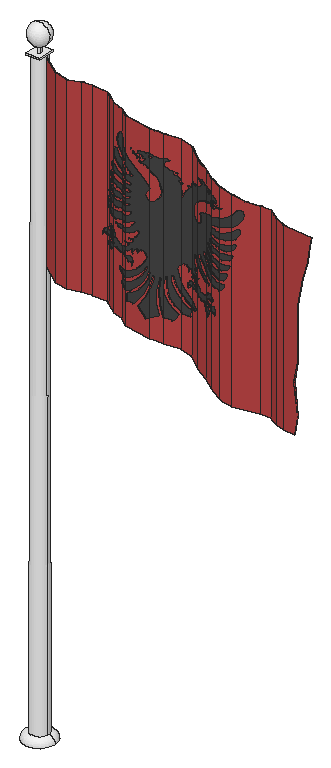
Revit family "Albanian Flag & Flag Pole", category Site, Revit 2014
Parameters (values of type "30'")
  Inner Pole Bottom = 0 mm
  Base = 254 mm
  Height = 9144 mm
  Top = 203.2 mm
  Assembly Code = "G2040800"
Reference planes
  plane 1 "Center (Front/Back)": y = 0
  plane 2: z = -50.8
  plane 3 "Center (Left/Right)": x = 0
  plane 4: x = -101.6
  plane 5: x = 101.6
  plane 6: y = -127
  plane 7: y = 127
  plane 8: z = 9093.2
  plane 9: z = 9118.6
  plane 10: z = 9358.122
  plane 11 "Inner Pole Bottom": z = -50.8
Forms (mm)
  Blend 1, solid, material "Metal - Aluminum"
    base sketch origin (11800, 0, 0) x (1, 0, 0) y (0, 1, 0)
      loop
        circle (0, 0) r 127
    top sketch origin (11800, 0, 0) x (1, 0, 0) y (0, 1, 0)
      loop
        circle (0, 0) r 101.6
    from 101.6 to 9093.2
  Revolve 2, solid, material "Metal - Aluminum"
    sketch origin (11800, 0, 0) x (1, 0, 0) y (0, 0, 1)
      loop
        line (0, 101.6) -> (-127, 101.6)
        arc (-127, 101.6) -> (-198.842, 71.842) -> (-228.6, 0) r 101.6
        line (-228.6, 0) -> (0, 0) -> (0, 101.6)
      axis (0, 0) -> (0, 101.6)
    angle from 0 to 360
  Revolve 3, solid, material "Metal - Aluminum"
    sketch origin (11794.799, 0, 33.479) x (1, 0, 0) y (0, 0, 1)
      loop
        line (5.201, 9477.043) -> (5.201, 9451.643)
        arc (5.201, 9451.643) -> (132.201, 9324.643) -> (5.201, 9197.643) r 127
        line (5.201, 9197.643) -> (5.201, 9172.243)
        arc (5.201, 9172.243) -> (157.601, 9324.643) -> (5.201, 9477.043) r 152.4
      axis (5.201, 9477.043) -> (5.201, 9172.243)
    angle from 0 to 360
  Extrusion 4, solid, material "Metal - Aluminum"
    sketch origin (11800, 0, 0) x (1, 0, 0) y (0, 1, 0)
      loop
        line (-101.6, 127) -> (-101.6, -127) -> (101.6, -127) -> (101.6, 127) -> (-101.6, 127)
    from 9118.6 to 9093.2
  Extrusion 5, solid, material "Metal - Aluminum"
    sketch origin (11800, 0, 0) x (1, 0, 0) y (0, 1, 0)
      loop
        circle (0, 0) r 25.4
    from 9358.122 to 9118.6
  Extrusion 6, solid, material "Red"
    sketch origin (0, 35, 9118.6) x (1, 0, 0) y (0, 1, 0)
      loop
        line (12823.482, -24.002) -> (12946.648, -100.964) -> (13076.153, -112.295) -> (13201.554, -190.653) -> (13547.099, -172.544) -> (13697.182, -102.559) -> (13853.074, 14.913) -> (13999.663, 40.761) -> (14146.223, -33.915) -> (14298.392, -83.358) -> (14454.412, -162.854) -> (14601.793, -194.181) -> (14761.247, -174.602) -> (15056.747, -36.809) -> (15195.182, 2.887) -> (15352.119, -84.105) -> (15487.834, -117.942) -> (16026.008, -146.147) -> (16026.008, -141.147) -> (15487.834, -112.942) -> (15352.119, -79.105) -> (15195.182, 7.887) -> (15056.747, -31.809) -> (14761.247, -169.602) -> (14601.793, -189.181) -> (14454.412, -157.854) -> (14298.392, -78.358) -> (14146.223, -28.915) -> (13999.663, 45.761) -> (13853.074, 19.913) -> (13697.182, -97.559) -> (13547.099, -167.544) -> (13201.554, -185.653) -> (13076.153, -107.295) -> (12946.648, -95.964) -> (12823.482, -19.002) -> (12777.248, -3.979) -> (12630.767, -78.615) -> (12475.434, -117.344) -> (12326.77, -177.409) -> (12147.571, -161.731) -> (11901.6, -41.763) -> (11901.6, -46.763) -> (12147.571, -166.731) -> (12326.77, -182.409) -> (12475.434, -122.344) -> (12630.767, -83.615) -> (12777.248, -8.979) -> (12823.482, -24.002)
    from -4244.657 to -25.4
  Extrusion 7, void
    sketch origin (19592.561, 26099.475, -6503.56) x (-0.97437, 0, 0.224951) y (0.224951, 0, 0.97437)
      loop
        line (8541.409, 13203.93) -> (8531.331, 13198.343) -> (8515.91, 13191.152) -> (8498.323, 13184.401) -> (8483.508, 13182.055) -> (8471.129, 13182.055) -> (8451.433, 13185.528) -> (8421.888, 13190.737) -> (8395.4, 13197.341) -> (8382.258, 13200.618) -> (8372.41, 13202.355) -> (8356.003, 13202.355) -> (8341.188, 13200.008) -> (8328.9, 13191.404) -> (8323.769, 13186.274) -> (8318.034, 13178.082) -> (8303.034, 13178.082) -> (8279.455, 13178.082) -> (8259.701, 13174.953) -> (8246.107, 13168.614) -> (8234.789, 13163.336) -> (8226.418, 13154.965) -> (8218.041, 13146.588) -> (8212.319, 13134.318) -> (8208.778, 13121.105) -> (8206.6, 13096.2) -> (8206.6, 13093.336) -> (8214.791, 13099.072) -> (8228.386, 13105.411) -> (8243.201, 13107.758) -> (8258.201, 13107.758) -> (8281.012, 13105.762) -> (8290.671, 13103.174) -> (8295.633, 13100.86) -> (8290.49, 13093.515) -> (8283.419, 13086.444) -> (8272.844, 13081.513) -> (8248.152, 13077.602) -> (8229.685, 13074.677) -> (8201.982, 13079.562) -> (8176.54, 13087.828) -> (8153.642, 13098.506) -> (8131.992, 13111.006) -> (8117.359, 13121.252) -> (8105.072, 13129.855) -> (8105.072, 13121.21) -> (8108.393, 13108.816) -> (8126.626, 13087.087) -> (8149.194, 13074.057) -> (8182.938, 13058.322) -> (8207.558, 13053.981) -> (8246.209, 13053.981) -> (8264.97, 13056.952) -> (8280.307, 13062.535) -> (8291.622, 13070.457) -> (8316.952, 13084.498) -> (8320.136, 13079.95) -> (8321.388, 13072.046) -> (8318.8, 13062.386) -> (8314.356, 13056.04) -> (8309.647, 13051.331) -> (8297.36, 13042.727) -> (8283.265, 13037.597) -> (8270.004, 13037.597) -> (8250.004, 13037.597) -> (8240.042, 13038.468) -> (8230.383, 13041.056) -> (8220.724, 13043.645) -> (8219.337, 13045.032) -> (8219.337, 13040.28) -> (8231.624, 13031.676) -> (8243.723, 13023.205) -> (8254.363, 13018.243) -> (8268.852, 13014.36) -> (8287.241, 13012.752) -> (8310.856, 13010.686) -> (8338.503, 13008.267) -> (8356.324, 13005.124) -> (8371.097, 13002.52) -> (8389.64, 12995.028) -> (8413.348, 12982.422) -> (8437.257, 12968.056) -> (8459.102, 12952.185) -> (8476.566, 12939.497) -> (8490.708, 12925.354) -> (8511.066, 12904.996) -> (8527.783, 12888.28) -> (8542.156, 12869.205) -> (8560.211, 12845.246) -> (8573.624, 12820.019) -> (8589.522, 12794.577) -> (8600.76, 12766.762) -> (8605.951, 12740.057) -> (8608.758, 12707.971) -> (8606.589, 12676.951) -> (8601.09, 12656.43) -> (8591.797, 12640.334) -> (8575.728, 12621.183) -> (8558.462, 12606.695) -> (8543.472, 12598.04) -> (8529.376, 12592.91) -> (8519.979, 12589.49) -> (8506.944, 12589.49) -> (8487.248, 12592.963) -> (8474.257, 12600.463) -> (8458.895, 12615.825) -> (8448.895, 12633.146) -> (8447.327, 12651.065) -> (8451.793, 12667.73) -> (8464.293, 12689.38) -> (8476.345, 12707.249) -> (8483.186, 12726.043) -> (8483.186, 12741.043) -> (8477.567, 12754.951) -> (8460.203, 12774.926) -> (8433.374, 12793.022) -> (8359.042, 12837.685) -> (8300.485, 12870.144) -> (8132.542, 12963.236) -> (8077.701, 13003.081) -> (8031.456, 13043.281) -> (8003.172, 13071.565) -> (7981.889, 13097.848) -> (7961.362, 13136.454) -> (7938.862, 13175.425) -> (7923.662, 13190.624) -> (7909.174, 13194.506) -> (7894.231, 13193.199) -> (7883.704, 13188.29) -> (7873.098, 13177.684) -> (7863.708, 13160.025) -> (7856.666, 13146.781) -> (7853.023, 13133.186) -> (7849.112, 13108.493) -> (7849.112, 13093.493) -> (7849.112, 13078.493) -> (7851.402, 13059.844) -> (7855.901, 13040.356) -> (7864.757, 13023.7) -> (7877.968, 12998.855) -> (7896.022, 12974.896) -> (7915.704, 12952.255) -> (7954.623, 12918.423) -> (7992.785, 12894.577) -> (8052.553, 12861.447) -> (8098.489, 12835.984) -> (8147.922, 12811.874) -> (8191.528, 12792.46) -> (8216.592, 12783.829) -> (8221.151, 12779.271) -> (8218.959, 12774.777) -> (8215.424, 12771.241) -> (8205.426, 12764.241) -> (8190.654, 12761.636) -> (8173.117, 12761.636) -> (8141.471, 12766.084) -> (8102.834, 12776.437) -> (8060.286, 12791.087) -> (8003.436, 12822.6) -> (7946.804, 12863.745) -> (7911.449, 12899.1) -> (7895.048, 12917.968) -> (7883.011, 12933.94) -> (7870.513, 12940.037) -> (7855.513, 12940.037) -> (7844.906, 12929.43) -> (7838.395, 12910.52) -> (7838.395, 12885.52) -> (7842.66, 12850.78) -> (7854.631, 12817.891) -> (7880.873, 12787.703) -> (7902.086, 12766.49) -> (7934.447, 12742.978) -> (7977.111, 12723.983) -> (8017.361, 12707.721) -> (8045.726, 12697.954) -> (8105.187, 12679.775) -> (8149.204, 12670.419) -> (8187.433, 12664.364) -> (8207.187, 12661.235) -> (8214.121, 12661.235) -> (8220.754, 12659.825) -> (8224.29, 12656.29) -> (8224.29, 12652.461) -> (8220.754, 12648.925) -> (8211.691, 12644.699) -> (8192.781, 12638.188) -> (8173.462, 12633.011) -> (8145.594, 12630.573) -> (8073.239, 12634.365) -> (8043.894, 12640.602) -> (8005.642, 12652.297) -> (7974.576, 12661.795) -> (7942.124, 12674.906) -> (7907.139, 12694.299) -> (7892.997, 12708.441) -> (7882.391, 12719.048) -> (7875.83, 12726.595) -> (7867.084, 12731.443) -> (7859.303, 12731.443) -> (7851.837, 12724.953) -> (7844.216, 12714.464) -> (7841.293, 12704.901) -> (7839.403, 12696.713) -> (7839.403, 12683.524) -> (7840.452, 12676.868) -> (7847.292, 12658.075) -> (7854.792, 12645.084) -> (7862.292, 12632.094) -> (7872.899, 12621.487) -> (7891.046, 12608.303) -> (7908.538, 12598.607) -> (7931.718, 12589.242) -> (7969.97, 12577.547) -> (8018.688, 12566.299) -> (8068.688, 12566.299) -> (8104.134, 12564.441) -> (8139.134, 12564.441) -> (8169.134, 12564.441) -> (8194.134, 12564.441) -> (8216.164, 12564.441) -> (8225.052, 12564.441) -> (8233.274, 12562.992) -> (8236.809, 12559.456) -> (8236.809, 12554.456) -> (8234.049, 12551.696) -> (8226.815, 12546.631) -> (8215.764, 12542.608) -> (8202.523, 12537.789) -> (8149.397, 12523.554) -> (8119.511, 12520.939) -> (8074.682, 12517.017) -> (8039.682, 12517.017) -> (8010.28, 12521.674) -> (7956.69, 12534.046) -> (7916.958, 12550.099) -> (7899.466, 12559.795) -> (7884.442, 12568.123) -> (7870.534, 12573.742) -> (7858.439, 12573.742) -> (7845.548, 12566.299) -> (7841.802, 12557.027) -> (7841.802, 12542.027) -> (7844.917, 12522.271) -> (7851.757, 12503.478) -> (7865.899, 12489.335) -> (7898.26, 12465.824) -> (7922.07, 12452.626) -> (7965.103, 12439.469) -> (7989.795, 12435.559) -> (8024.747, 12433.727) -> (8079.538, 12438.52) -> (8139.31, 12443.75) -> (8178.436, 12452.066) -> (8212.243, 12461.125) -> (8232.213, 12470.437) -> (8241.276, 12474.663) -> (8244.811, 12478.199) -> (8248.858, 12478.199) -> (8251.508, 12475.548) -> (8251.508, 12471.646) -> (8248.845, 12467.032) -> (8235.105, 12456.678) -> (8225.511, 12449.449) -> (8178.367, 12421.122) -> (8148.827, 12410.37) -> (8120.636, 12400.11) -> (8091.292, 12393.873) -> (8061.947, 12387.635) -> (8021.947, 12387.635) -> (7991.947, 12387.635) -> (7959.396, 12393.375) -> (7921.144, 12405.07) -> (7902.6, 12412.562) -> (7880.361, 12424.889) -> (7873.29, 12431.96) -> (7864.544, 12436.809) -> (7858.858, 12436.809) -> (7851.787, 12429.737) -> (7847.12, 12418.187) -> (7847.12, 12403.187) -> (7847.12, 12387.635) -> (7851.278, 12368.072) -> (7858.778, 12355.082) -> (7879.992, 12333.869) -> (7906.23, 12319.324) -> (7938.682, 12306.213) -> (7968.312, 12301.52) -> (7993.312, 12301.52) -> (8028.312, 12301.52) -> (8048.347, 12306.888) -> (8086.984, 12317.241) -> (8140.109, 12331.476) -> (8177.697, 12345.157) -> (8200.355, 12355.722) -> (8227.544, 12368.401) -> (8251.508, 12379.576) -> (8258.798, 12382.975) -> (8261.794, 12383.503) -> (8264.252, 12382.844) -> (8265.513, 12380.14) -> (8265.513, 12377.997) -> (8260.491, 12372.974) -> (8245.986, 12360.365) -> (8178.892, 12316.794) -> (8153.472, 12301.52) -> (8106.487, 12284.419) -> (8067.85, 12274.066) -> (8035.347, 12267.158) -> (8005.113, 12264.513) -> (7975.113, 12264.513) -> (7930.745, 12272.336) -> (7900.133, 12289.304) -> (7882.641, 12299) -> (7868.296, 12303.386) -> (7863.296, 12303.386) -> (7856.333, 12301.52) -> (7847.12, 12292.307) -> (7847.12, 12287.081) -> (7847.12, 12272.081) -> (7851.584, 12251.08) -> (7856.76, 12231.762) -> (7866.76, 12214.441) -> (788
          1.806, 12194.476) -> (7898.189, 12183.004) -> (7928.801, 12166.036) -> (7963.753, 12164.204) -> (8003.753, 12164.204) -> (8041.61, 12172.251) -> (8080.247, 12182.603) -> (8163.693, 12216.318) -> (8206.552, 12242.07) -> (8249.41, 12267.822) -> (8272.068, 12278.387) -> (8290.611, 12285.879) -> (8301.343, 12289.786) -> (8304.987, 12289.786) -> (8309.987, 12289.786) -> (8311.666, 12288.107) -> (8313.172, 12284.876) -> (8313.172, 12281.429) -> (8307.159, 12271.014) -> (8295.386, 12259.241) -> (8279.277, 12243.131) -> (8249.317, 12219.724) -> (8217.797, 12195.098) -> (8190.608, 12182.419) -> (8167.338, 12168.438) -> (8135.617, 12153.646) -> (8102.524, 12142.251) -> (8075.673, 12133.005) -> (8041.865, 12123.947) -> (8015.578, 12119.783) -> (7973.538, 12117.58) -> (7951.848, 12121.404) -> (7925.877, 12127.88) -> (7902.697, 12137.245) -> (7887.086, 12143.552) -> (7875.692, 12148.156) -> (7868.08, 12148.156) -> (7856.741, 12145.117) -> (7853.235, 12138.793) -> (7850.63, 12124.02) -> (7850.63, 12109.02) -> (7853.749, 12094.348) -> (7861.342, 12078.066) -> (7873.842, 12056.415) -> (7891.519, 12038.738) -> (7922.131, 12021.769) -> (7960.943, 12012.093) -> (7995.943, 12012.093) -> (8055.861, 12015.233) -> (8107.864, 12033.139) -> (8177.403, 12061.234) -> (8220.261, 12086.986) -> (8304.128, 12141.45) -> (8331.709, 12162.998) -> (8352.675, 12176.614) -> (8369.449, 12187.507) -> (8378.01, 12187.507) -> (8381.546, 12183.972) -> (8381.546, 12178.972) -> (8374.379, 12160.3) -> (8358.28, 12132.416) -> (8333.653, 12100.896) -> (8287.691, 12062.328) -> (8240.41, 12025.389) -> (8196.543, 12004.933) -> (8154.82, 11988.076) -> (8131.182, 11979.937) -> (8116.41, 11977.332) -> (8104.011, 11977.332) -> (8094.011, 11977.332) -> (8089.011, 11977.332) -> (8085.476, 11973.796) -> (8083.146, 11971.467) -> (8083.146, 11963.397) -> (8084.276, 11956.985) -> (8096.341, 11944.92) -> (8115.013, 11937.753) -> (8142.639, 11931.881) -> (8179.655, 11931.881) -> (8229.714, 11944.362) -> (8292.948, 11982.357) -> (8355.915, 12026.447) -> (8412.111, 12073.601) -> (8433.636, 12091.663) -> (8446.515, 12102.47) -> (8452.407, 12106.595) -> (8457.407, 12106.595) -> (8460.942, 12103.059) -> (8463.209, 12094.597) -> (8463.209, 12074.597) -> (8460.772, 12054.747) -> (8452.791, 12028.643) -> (8445.204, 12017.807) -> (8433.732, 12001.424) -> (8418.81, 11986.501) -> (8403.587, 11971.279) -> (8391.151, 11960.844) -> (8374.008, 11950.543) -> (8359.913, 11945.413) -> (8355.627, 11942.838) -> (8359.723, 11939.97) -> (8372.965, 11937.635) -> (8389.067, 11937.635) -> (8401.171, 11937.635) -> (8406.393, 11940.773) -> (8411.092, 11942.483) -> (8414.618, 11942.483) -> (8417.194, 11938.197) -> (8417.194, 11934.473) -> (8413.672, 11926.921) -> (8397.75, 11910.999) -> (8384.512, 11899.891) -> (8370.274, 11891.336) -> (8352.147, 11882.883) -> (8337.659, 11879.001) -> (8322.886, 11876.396) -> (8313.227, 11873.808) -> (8311.378, 11871.959) -> (8315.91, 11869.846) -> (8326.382, 11864.963) -> (8337.893, 11860.773) -> (8346.08, 11859.33) -> (8352.444, 11858.207) -> (8360.64, 11858.207) -> (8365.339, 11859.918) -> (8369.625, 11862.493) -> (8372.414, 11862.493) -> (8375.95, 11858.957) -> (8375.95, 11854.063) -> (8365.343, 11843.456) -> (8350.418, 11826.287) -> (8336.276, 11812.145) -> (8323.418, 11804.419) -> (8292.897, 11782.244) -> (8271.837, 11764.573) -> (8252.977, 11753.24) -> (8243.802, 11744.066) -> (8235.177, 11742.545) -> (8218.318, 11742.545) -> (8206.551, 11742.545) -> (8196.703, 11744.282) -> (8177.007, 11747.755) -> (8158.88, 11756.207) -> (8142.497, 11767.678) -> (8128.355, 11781.821) -> (8115.4, 11794.776) -> (8110.27, 11808.871) -> (8101.719, 11832.364) -> (8089.963, 11848.544) -> (8079.357, 11859.151) -> (8065.762, 11865.49) -> (8051.09, 11868.608) -> (8034.188, 11868.608) -> (8020.093, 11863.478) -> (8010.61, 11860.027) -> (7996.515, 11854.897) -> (7987.152, 11845.534) -> (7978.549, 11833.247) -> (7973.553, 11822.533) -> (7973.553, 11812.533) -> (7973.553, 11809.293) -> (7979.441, 11815.181) -> (7990.048, 11825.787) -> (7995.048, 11825.787) -> (8000.048, 11825.787) -> (8003.583, 11822.252) -> (8003.583, 11817.252) -> (8007.943, 11805.275) -> (8012.578, 11798.895) -> (8019.649, 11791.824) -> (8028.712, 11787.598) -> (8035.482, 11782.857) -> (8049.527, 11776.308) -> (8059.309, 11774.229) -> (8065.49, 11771.347) -> (8071.711, 11768.446) -> (8082.323, 11761.015) -> (8087.52, 11755.818) -> (8095.712, 11750.082) -> (8101.247, 11744.547) -> (8102.652, 11740.686) -> (8102.652, 11735.824) -> (8097.954, 11734.114) -> (8091.394, 11731.727) -> (8079.746, 11731.727) -> (8073.476, 11729.444) -> (8063.037, 11729.444) -> (8048.037, 11729.444) -> (8037.299, 11731.727) -> (8031.067, 11734.633) -> (8023.627, 11734.633) -> (8007.061, 11742.358) -> (7984.261, 11747.204) -> (7959.641, 11751.545) -> (7939.641, 11751.545) -> (7925.546, 11746.415) -> (7916.429, 11737.298) -> (7908.575, 11729.444) -> (7899.972, 11717.157) -> (7897.893, 11707.376) -> (7894.774, 11692.704) -> (7894.774, 11677.704) -> (7894.774, 11664.402) -> (7898.194, 11655.006) -> (7901.614, 11645.609) -> (7905.841, 11654.672) -> (7905.841, 11666.978) -> (7910.067, 11676.041) -> (7915.805, 11676.041) -> (7925.709, 11671.422) -> (7930.614, 11666.518) -> (7935.585, 11661.547) -> (7945.366, 11659.468) -> (7952.946, 11659.468) -> (7960.616, 11659.468) -> (7973.569, 11661.985) -> (7984.37, 11668.221) -> (7997.913, 11676.041) -> (8006.574, 11681.041) -> (8019.146, 11685.617) -> (8026.462, 11688.28) -> (8038.526, 11690.407) -> (8051.376, 11690.407) -> (8064.369, 11690.407) -> (8077.08, 11689.295) -> (8093.856, 11687.827) -> (8105.762, 11685.297) -> (8112.577, 11681.362) -> (8114.944, 11678.995) -> (8116.619, 11676.093) -> (8116.619, 11671.093) -> (8113.084, 11667.557) -> (8106.242, 11663.607) -> (8098.748, 11659.281) -> (8090.53, 11656.289) -> (8083.307, 11653.661) -> (8073.346, 11652.789) -> (8056.497, 11649.818) -> (8047.731, 11648.272) -> (8040.622, 11644.168) -> (8032.725, 11641.294) -> (8028.738, 11637.307) -> (8019.801, 11628.37) -> (8014.244, 11622.812) -> (8009.244, 11614.152) -> (8006.459, 11601.054) -> (8006.459, 11586.054) -> (8006.459, 11571.054) -> (8010.768, 11559.216) -> (8015.768, 11550.556) -> (8020.898, 11536.461) -> (8032.387, 11529.828) -> (8039.458, 11522.757) -> (8042.778, 11522.757) -> (8042.778, 11527.757) -> (8033.644, 11543.577) -> (8035.289, 11551.315) -> (8038.824, 11554.85) -> (8042.778, 11554.85) -> (8050.435, 11554.85) -> (8060.397, 11553.979) -> (8072.666, 11553.979) -> (8082.063, 11557.399) -> (8089.134, 11564.47) -> (8094.134, 11573.13) -> (8105.451, 11592.731) -> (8123.919, 11618.15) -> (8138.061, 11632.292) -> (8149.854, 11644.085) -> (8160.723, 11648.041) -> (8169.103, 11649.519) -> (8174.183, 11649.519) -> (8179.698, 11644.003) -> (8186.223, 11640.236) -> (8193.883, 11638.608) -> (8211.925, 11634.773) -> (8226.925, 11634.773) -> (8246.925, 11634.773) -> (8259.915, 11642.273) -> (8294.556, 11662.273) -> (8308.151, 11668.612) -> (8322.923, 11671.217) -> (8332.923, 11671.217) -> (8344.625, 11671.217) -> (8359.297, 11668.098) -> (8371.584, 11659.495) -> (8385.52, 11649.736) -> (8404.314, 11642.896) -> (8420.797, 11636.897) -> (8440.721, 11638.64) -> (8449.381, 11643.64) -> (8452.916, 11647.176) -> (8457.247, 11649.676) -> (8462.247, 11649.676) -> (8467.198, 11644.724) -> (8469.165, 11637.385) -> (8470.036, 11627.423) -> (8471.103, 11615.231) -> (8471.103, 11610.231) -> (8480.659, 11619.788) -> (8485.313, 11637.154) -> (8485.313, 11664.385) -> (8476.116, 11689.653) -> (8467.406, 11704.739) -> (8445.354, 11720.18) -> (8428.785, 11724.62) -> (8415.516, 11724.62) -> (8400.007, 11717.388) -> (8385.912, 11712.257) -> (8376.515, 11708.837) -> (8366.667, 11707.101) -> (8351.667, 11707.101) -> (8340.192, 11710.175) -> (8330.795, 11713.596) -> (8330.795, 11718.596) -> (8334.215, 11727.993) -> (8346.295, 11740.072) -> (8360.437, 11754.215) -> (8381.65, 11775.428) -> (8412, 11805.777) -> (8420.565, 11814.342) -> (8420.565, 11817.328) -> (8423.1, 11819.
          863) -> (8428.065, 11821.67) -> (8431.601, 11818.135) -> (8431.601, 11811.956) -> (8431.601, 11803.306) -> (8435.021, 11793.909) -> (8439.247, 11784.846) -> (8446.318, 11777.775) -> (8454.491, 11769.602) -> (8457.526, 11786.812) -> (8457.526, 11803.81) -> (8471.378, 11833.515) -> (8484.253, 11854.944) -> (8493.895, 11866.435) -> (8497.316, 11857.038) -> (8497.316, 11846.875) -> (8501.542, 11837.812) -> (8505.621, 11826.605) -> (8509.978, 11822.247) -> (8515.103, 11817.122) -> (8517.393, 11830.11) -> (8526.264, 11857.412) -> (8536.871, 11868.018) -> (8547.477, 11878.625) -> (8561.573, 11883.755) -> (8579.023, 11883.755) -> (8598.045, 11877.575) -> (8614.428, 11866.103) -> (8625.034, 11855.497) -> (8635.034, 11838.176) -> (8638.507, 11818.48) -> (8638.507, 11793.48) -> (8629.237, 11764.948)
        arc (8629.237, 11764.948) -> (8490.917, 11552.347) -> (8264.635, 11437.77) r 488.453
        arc (8264.635, 11437.77) -> (8275.096, 11405.42) -> (8301.917, 11384.525) r 57.882
        arc (8301.917, 11384.525) -> (8339.897, 11375.736) -> (8378.162, 11383.189) r 93.554
        arc (8378.162, 11383.189) -> (8557.378, 11511.133) -> (8665.888, 11702.741) r 509.63
        line (8665.888, 11702.741) -> (8670.913, 11707.766) -> (8676.673, 11707.766)
        arc (8676.673, 11707.766) -> (8576.331, 11474.507) -> (8364.25, 11334.863) r 442.325
        line (8364.25, 11334.863) -> (8349.49, 11251.154) -> (8467.667, 11230.316)
        arc (8467.667, 11230.316) -> (8641.366, 11421.128) -> (8713.769, 11668.794) r 573.174
        line (8713.769, 11668.794) -> (8715.063, 11673.623) -> (8718.517, 11673.623) -> (8722.951, 11669.189) -> (8725.776, 11663.65) -> (8726.76, 11654.283) -> (8725.9, 11649.676)
        arc (8725.9, 11649.676) -> (8662.619, 11400.134) -> (8489.692, 11209.421) r 532.628
        line (8489.692, 11209.421) -> (8514.807, 11115.69) -> (8630.52, 11136.093)
        arc (8630.52, 11136.093) -> (8732.202, 11372.337) -> (8771.101, 11626.575) r 1012.881
        line (8771.101, 11626.575) -> (8774.184, 11629.658) -> (8776.223, 11629.658) -> (8779.758, 11626.122) -> (8783.523, 11618.74)
        arc (8783.523, 11618.74) -> (8761.606, 11367.83) -> (8670.305, 11133.095) r 890.416
        line (8670.305, 11133.095) -> (8813.026, 11033.161) -> (8955.747, 11133.095)
        arc (8955.747, 11133.095) -> (8864.447, 11367.83) -> (8842.53, 11618.74) r 890.416
        line (8842.53, 11618.74) -> (8845.955, 11624.674) -> (8848.455, 11629.004) -> (8850.608, 11631.156) -> (8853.314, 11631.156) -> (8854.849, 11631.156) -> (8854.957, 11626.337)
        arc (8854.957, 11626.337) -> (8893.884, 11372.222) -> (8995.532, 11136.093) r 1012.881
        line (8995.532, 11136.093) -> (9111.246, 11115.69) -> (9136.361, 11209.421)
        arc (9136.361, 11209.421) -> (8963.434, 11400.134) -> (8900.153, 11649.676) r 532.628
        line (8900.153, 11649.676) -> (8901.526, 11657.459) -> (8904.026, 11661.789) -> (8907.561, 11665.325) -> (8910.087, 11668.558) -> (8912.284, 11668.794)
        arc (8912.284, 11668.794) -> (8984.687, 11421.128) -> (9158.386, 11230.316) r 573.174
        line (9158.386, 11230.316) -> (9276.563, 11251.154) -> (9261.803, 11334.863)
        arc (9261.803, 11334.863) -> (9049.722, 11474.507) -> (8949.38, 11707.766) r 442.325
        line (8949.38, 11707.766) -> (8955.139, 11707.766) -> (8960.165, 11702.741)
        arc (8960.165, 11702.741) -> (9068.675, 11511.133) -> (9247.891, 11383.189) r 509.63
        arc (9247.891, 11383.189) -> (9286.156, 11375.736) -> (9324.135, 11384.525) r 93.554
        arc (9324.135, 11384.525) -> (9350.956, 11405.42) -> (9361.418, 11437.77) r 57.882
        arc (9361.418, 11437.77) -> (9135.136, 11552.347) -> (8996.816, 11764.948) r 488.453
        line (8996.816, 11764.948) -> (8987.546, 11793.48) -> (8987.546, 11818.48) -> (8991.019, 11838.176) -> (9001.019, 11855.497) -> (9011.625, 11866.103) -> (9028.008, 11877.575) -> (9047.029, 11883.755) -> (9064.48, 11883.755) -> (9078.576, 11878.625) -> (9089.182, 11868.018) -> (9099.789, 11857.412) -> (9108.66, 11830.11) -> (9110.95, 11817.122) -> (9116.075, 11822.247) -> (9120.432, 11826.605) -> (9124.511, 11837.812) -> (9128.737, 11846.875) -> (9128.737, 11857.038) -> (9132.157, 11866.435) -> (9141.799, 11854.944) -> (9154.675, 11833.515) -> (9168.527, 11803.81) -> (9168.527, 11786.812) -> (9171.562, 11769.602) -> (9179.734, 11777.775) -> (9186.805, 11784.846) -> (9191.032, 11793.909) -> (9194.452, 11803.306) -> (9194.452, 11811.956) -> (9194.452, 11818.135) -> (9197.987, 11821.67) -> (9202.953, 11819.863) -> (9205.488, 11817.328) -> (9205.488, 11814.342) -> (9214.053, 11805.777) -> (9244.403, 11775.428) -> (9265.616, 11754.215) -> (9279.758, 11740.072) -> (9291.838, 11727.993) -> (9295.258, 11718.596) -> (9295.258, 11713.596) -> (9285.861, 11710.175) -> (9274.386, 11707.101) -> (9259.386, 11707.101) -> (9249.538, 11708.837) -> (9240.141, 11712.257) -> (9226.046, 11717.388) -> (9210.536, 11724.62) -> (9197.267, 11724.62) -> (9180.699, 11720.18) -> (9158.647, 11704.739) -> (9149.937, 11689.653) -> (9140.74, 11664.385) -> (9140.74, 11637.154) -> (9145.394, 11619.788) -> (9154.95, 11610.231) -> (9154.95, 11615.231) -> (9156.017, 11627.423) -> (9156.888, 11637.385) -> (9158.855, 11644.724) -> (9163.806, 11649.676) -> (9168.806, 11649.676) -> (9173.136, 11647.176) -> (9176.672, 11643.64) -> (9185.332, 11638.64) -> (9205.256, 11636.897) -> (9221.739, 11642.896) -> (9240.532, 11649.736) -> (9254.469, 11659.495) -> (9266.756, 11668.098) -> (9281.428, 11671.217) -> (9293.13, 11671.217) -> (9303.13, 11671.217) -> (9317.902, 11668.612) -> (9331.497, 11662.273) -> (9366.138, 11642.273) -> (9379.128, 11634.773) -> (9399.128, 11634.773) -> (9414.128, 11634.773) -> (9432.169, 11638.608) -> (9439.83, 11640.236) -> (9446.355, 11644.003) -> (9451.87, 11649.519) -> (9456.95, 11649.519) -> (9465.33, 11648.041) -> (9476.199, 11644.085) -> (9487.992, 11632.292) -> (9502.134, 11618.15) -> (9520.602, 11592.731) -> (9531.918, 11573.13) -> (9536.918, 11564.47) -> (9543.989, 11557.399) -> (9553.386, 11553.979) -> (9565.655, 11553.979) -> (9575.617, 11554.85) -> (9583.275, 11554.85) -> (9587.229, 11554.85) -> (9590.764, 11551.315) -> (9592.409, 11543.577) -> (9583.275, 11527.757) -> (9583.275, 11522.757) -> (9586.595, 11522.757) -> (9593.666, 11529.828) -> (9605.155, 11536.461) -> (9610.285, 11550.556) -> (9615.285, 11559.216) -> (9619.593, 11571.054) -> (9619.593, 11586.054) -> (9619.593, 11601.054) -> (9616.809, 11614.152) -> (9611.809, 11622.812) -> (9606.251, 11628.37) -> (9597.315, 11637.307) -> (9593.328, 11641.294) -> (9585.43, 11644.168) -> (9578.322, 11648.272) -> (9569.556, 11649.818) -> (9552.707, 11652.789) -> (9542.745, 11653.661) -> (9535.523, 11656.289) -> (9527.304, 11659.281) -> (9519.811, 11663.607) -> (9512.969, 11667.557) -> (9509.433, 11671.093) -> (9509.433, 11676.093) -> (9511.109, 11678.995) -> (9513.476, 11681.362) -> (9520.291, 11685.297) -> (9532.196, 11687.827) -> (9548.973, 11689.295) -> (9561.684, 11690.407) -> (9574.677, 11690.407) -> (9587.527, 11690.407) -> (9599.59, 11688.28) -> (9606.907, 11685.617) -> (9619.479, 11681.041) -> (9628.139, 11676.041) -> (9641.683, 11668.221) -> (9652.484, 11661.985) -> (9665.437, 11659.468) -> (9673.106, 11659.468) -> (9680.686, 11659.468) -> (9690.468, 11661.547) -> (9695.439, 11666.518) -> (9700.344, 11671.422) -> (9710.248, 11676.041) -> (9715.986, 11676.041) -> (9720.212, 11666.978) -> (9720.212, 11654.672) -> (9724.438, 11645.609) -> (9727.859, 11655.006) -> (9731.279, 11664.402) -> (9731.279, 11677.704) -> (9731.279, 11692.704) -> (9728.16, 11707.376) -> (9726.081, 11717.157) -> (9717.477, 11729.444) -> (9709.624, 11737.298) -> (9700.507, 11746.415) -> (9686.412, 11751.545) -> (9666.412, 11751.545) -> (9641.791, 11747.204) -> (9618.992, 11742.358) -> (9602.426, 11734.633) -> (9594.986, 11734.633) -> (9588.754, 11731.727) -> (9578.016, 11729.444) -> (9563.016, 11729.444) -> (9552.577, 11729.444) -> (9546.307, 11731.727) -> (9534.659, 11731.727) -> (9528.099, 11734.114) -> (9523.401, 11735.824) -> (9523.401, 11740.686) -> (9524.806, 11744.547) -> (9530.341, 11750.082) -> (9538.532, 11755.818) -> (9543.73, 11761.015) -> (9554.342, 11768.446) -> (9560.563, 11771.347) -> (9566.744, 11774.229) -> (9576.526, 11776.308) -> (9590.57, 11782.857) -> (9597.341, 11787.598) -> (9606.404, 11791.824) -> (9613.475, 11798.895) -> (9618.11, 11805.275) -> (9622.469, 11817.252) -> (9622.469, 11822.252) -> (9626.005, 11825.787) -> (9631.005, 11825.787) -> (9636.005, 11825.787) -> (9646.612, 11815.181) -> (9652.5, 11809.293) -> (9652.5, 11812.533) -> (9652.5, 11822.533) -> (9647.504, 11833.247) -> (9638.9, 11845.534) -> (9629.538, 11854.897) -> (9615.443, 11860.027) -> (9605.96, 11863.478) -> (9591.865, 11868.608) -> (9574.963, 11868.608) -> (9560.291, 11865.49) -> (9546.696, 11859.151) -> (9536.089, 11848.544) -> (9524.334, 11832.364) -> (9515.783, 11808.871) -> (9510.653, 11794.776) -> (9497.697, 11781.821) -> (9483.555, 11767.678) -> (9467.172, 11756.207) -> (9449.046, 11747.755) -> (9429.35, 11744.282) -> (9419.502, 11742.545) -> (9407.735, 11742.545) -> (9390.876, 11742.545) -> (9382.25, 11744.066) -> (9373.076, 11753.24) -> (9354.215, 11764.573) -> (9333.155, 11782.244) -> (9302.635, 11804.419) -> (9289.777, 11812.145) -> (9275.635, 11826.287) -> (9260.71, 11843.456) -> (9250.103, 11854.063) -> (9250.103, 11858.957) -> (9253.639, 11862.493) -> (9256.428, 11862.493) -> (9260.714, 11859.918) -> (9265.412, 11858.207) -> (9273.608, 11858.207) -> (9279.972, 11859.33) -> (9288.16, 11860.773) -> (9299.671, 11864.963) -> (9310.143, 11869.846) -> (9314.674, 11871.959) -> (9312.826, 11873.808) -> (9303.166, 11876.396) -> (9288.394, 11879.001) -> (9273.905, 11882.883) -> (9255.779, 11891.336) -> (9241.541, 11899.891) -> (9228.303, 11910.999) -> (9212.381, 11926.921) -> (9208.859, 11934.473) -> (9208.859, 11938.197) -> (9211.434, 11942.483) -> (9214.961, 11942.483) -> (9219.66, 11940.773) -> (9224.882, 11937.635) -> (9236.986, 11937.635) -> (9253.088, 11937.635) -> (9266.33, 11939.97) -> (9270.426, 11942.838) -> (9266.14, 11945.413) -> (9252.045, 11950.543) -> (9234.901, 11960.844) -> (9222.465, 11971.279) -> (9207.243, 11986.501) -> (9192.32, 12001.424) -> (9180.849, 12017.807) -> (9173.261, 12028.643) -> (9165.281, 12054.747) -> (9162.843, 12074.597) -> (9162.843, 12094.597) -> (9165.111, 12103.059) -> (9168.646, 12106.595) -> (9173.646, 12106.595) -> (9179.538, 12102.47) -> (9192.417, 12091.663) -> (9213.942, 12073.601) -> (9270.138, 12026.447) -> (9333.104, 11982.357) -> (9396.339, 11944.362) -> (9446.398, 11931.881) -> (9483.414, 11931.881) -> (9511.04, 11937.753) -> (9529.711, 11944.92) -> (9541.776, 11956.985) -> (9542.907, 11963.397) -> (9542.907, 11971.467) -> (9540.577, 11973.796) -> (9537.041, 11977.332) -> (9532.041, 11977.332) -> (9522.041, 11977.332) -> (9509.643, 11977.332) -> (9494.871, 11979.937) -> (9471.233, 11988.076) -> (9429.509, 12004.933) -> (9385.643, 12025.389) -> (9338.362, 12062.328) -> (9292.399, 12100.896) -> (9267.773, 12132.416) -> (9251.674, 12160.3) -> (9244.507, 12178.972) -> (9244.507, 12183.972) -> (9248.042, 12187.507) -> (9256.604, 12187.507) -> (9273.377, 12176.614) -> (9294.344, 12162.998) -> (9321.924, 12141.45) -> (9405.792, 12086.986) -> (9448.65, 12061.234) -> (9518.189, 12033.139) -> (9570.192, 12015.233) -> (9630.11, 12012.093) -> (9665.11, 12012.093) -> (9703.922, 12021.769) -> (9734.533, 12038.738) -> (9752.211, 12056.415) -> (9764.711, 12078.066) -> (9772.304, 12094.348) -> (9775.422, 12109.02) -> (9775.422, 12124.02) -> (9772.818, 12138.793) -> (9769.312, 12145.117) -> (9757.972, 12148.156) -> (9750.36, 12148.156) -> (9738.967, 12143.552) -> (9723.356, 12137.245) -> (9700.1
          76, 12127.88) -> (9674.205, 12121.404) -> (9652.515, 12117.58) -> (9610.474, 12119.783) -> (9584.188, 12123.947) -> (9550.38, 12133.005) -> (9523.529, 12142.251) -> (9490.436, 12153.646) -> (9458.715, 12168.438) -> (9435.445, 12182.419) -> (9408.256, 12195.098) -> (9376.735, 12219.724) -> (9346.776, 12243.131) -> (9330.667, 12259.241) -> (9318.893, 12271.014) -> (9312.88, 12281.429) -> (9312.88, 12284.876) -> (9314.387, 12288.107) -> (9316.065, 12289.786) -> (9321.065, 12289.786) -> (9324.71, 12289.786) -> (9335.441, 12285.879) -> (9353.985, 12278.387) -> (9376.643, 12267.822) -> (9419.501, 12242.07) -> (9462.359, 12216.318) -> (9545.806, 12182.603) -> (9584.443, 12172.251) -> (9622.3, 12164.204) -> (9662.3, 12164.204) -> (9697.252, 12166.036) -> (9727.864, 12183.004) -> (9744.247, 12194.476) -> (9759.292, 12214.441) -> (9769.292, 12231.762) -> (9774.469, 12251.08) -> (9778.933, 12272.081) -> (9778.933, 12287.081) -> (9778.933, 12292.307) -> (9769.72, 12301.52) -> (9762.756, 12303.386) -> (9757.756, 12303.386) -> (9743.412, 12299) -> (9725.919, 12289.304) -> (9695.308, 12272.336) -> (9650.939, 12264.513) -> (9620.939, 12264.513) -> (9590.705, 12267.158) -> (9558.202, 12274.066) -> (9519.565, 12284.419) -> (9472.581, 12301.52) -> (9447.16, 12316.794) -> (9380.067, 12360.365) -> (9365.562, 12372.974) -> (9360.539, 12377.997) -> (9360.539, 12380.14) -> (9361.801, 12382.844) -> (9364.258, 12383.503) -> (9367.255, 12382.975) -> (9374.544, 12379.576) -> (9398.509, 12368.401) -> (9425.698, 12355.722) -> (9448.356, 12345.157) -> (9485.943, 12331.476) -> (9539.069, 12317.241) -> (9577.706, 12306.888) -> (9597.74, 12301.52) -> (9632.74, 12301.52) -> (9657.74, 12301.52) -> (9687.371, 12306.213) -> (9719.822, 12319.324) -> (9746.061, 12333.869) -> (9767.274, 12355.082) -> (9774.774, 12368.072) -> (9778.933, 12387.635) -> (9778.933, 12403.187) -> (9778.933, 12418.187) -> (9774.266, 12429.737) -> (9767.195, 12436.809) -> (9761.509, 12436.809) -> (9752.763, 12431.96) -> (9745.692, 12424.889) -> (9723.452, 12412.562) -> (9704.909, 12405.07) -> (9666.656, 12393.375) -> (9634.105, 12387.635) -> (9604.105, 12387.635) -> (9564.105, 12387.635) -> (9534.761, 12393.873) -> (9505.416, 12400.11) -> (9477.226, 12410.37) -> (9447.686, 12421.122) -> (9400.541, 12449.449) -> (9390.948, 12456.678) -> (9377.208, 12467.032) -> (9374.544, 12471.646) -> (9374.544, 12475.548) -> (9377.195, 12478.199) -> (9381.242, 12478.199) -> (9384.777, 12474.663) -> (9393.84, 12470.437) -> (9413.81, 12461.125) -> (9447.617, 12452.066) -> (9486.743, 12443.75) -> (9546.515, 12438.52) -> (9601.305, 12433.727) -> (9636.257, 12435.559) -> (9660.95, 12439.469) -> (9703.983, 12452.626) -> (9727.793, 12465.824) -> (9760.153, 12489.335) -> (9774.296, 12503.478) -> (9781.136, 12522.271) -> (9784.251, 12542.027) -> (9784.251, 12557.027) -> (9780.505, 12566.299) -> (9767.614, 12573.742) -> (9755.519, 12573.742) -> (9741.611, 12568.123) -> (9726.587, 12559.795) -> (9709.095, 12550.099) -> (9669.363, 12534.046) -> (9615.773, 12521.674) -> (9586.371, 12517.017) -> (9551.371, 12517.017) -> (9506.542, 12520.939) -> (9476.656, 12523.554) -> (9423.53, 12537.789) -> (9410.289, 12542.608) -> (9399.238, 12546.631) -> (9392.004, 12551.696) -> (9389.243, 12554.456) -> (9389.243, 12559.456) -> (9392.779, 12562.992) -> (9401.001, 12564.441) -> (9409.889, 12564.441) -> (9431.918, 12564.441) -> (9456.918, 12564.441) -> (9486.918, 12564.441) -> (9521.918, 12564.441) -> (9557.364, 12566.299) -> (9607.364, 12566.299) -> (9656.083, 12577.547) -> (9694.335, 12589.242) -> (9717.515, 12598.607) -> (9735.007, 12608.303) -> (9753.154, 12621.487) -> (9763.76, 12632.094) -> (9771.26, 12645.084) -> (9778.76, 12658.075) -> (9785.601, 12676.868) -> (9786.65, 12683.524) -> (9786.65, 12696.713) -> (9784.76, 12704.901) -> (9781.836, 12714.464) -> (9774.215, 12724.953) -> (9766.75, 12731.443) -> (9758.969, 12731.443) -> (9750.223, 12726.595) -> (9743.662, 12719.048) -> (9733.056, 12708.441) -> (9718.913, 12694.299) -> (9683.929, 12674.906) -> (9651.477, 12661.795) -> (9620.411, 12652.297) -> (9582.158, 12640.602) -> (9552.814, 12634.365) -> (9480.459, 12630.573) -> (9452.591, 12633.011) -> (9433.272, 12638.188) -> (9414.362, 12644.699) -> (9405.299, 12648.925) -> (9401.763, 12652.461) -> (9401.763, 12656.29) -> (9405.299, 12659.825) -> (9411.932, 12661.235) -> (9418.866, 12661.235) -> (9438.619, 12664.364) -> (9476.849, 12670.419) -> (9520.865, 12679.775) -> (9580.326, 12697.954) -> (9608.692, 12707.721) -> (9648.941, 12723.983) -> (9691.606, 12742.978) -> (9723.966, 12766.49) -> (9745.18, 12787.703) -> (9771.422, 12817.891) -> (9783.393, 12850.78) -> (9787.658, 12885.52) -> (9787.658, 12910.52) -> (9781.147, 12929.43) -> (9770.54, 12940.037) -> (9755.54, 12940.037) -> (9743.041, 12933.94) -> (9731.005, 12917.968) -> (9714.604, 12899.1) -> (9679.248, 12863.745) -> (9622.617, 12822.6) -> (9565.767, 12791.087) -> (9523.219, 12776.437) -> (9484.582, 12766.084) -> (9452.936, 12761.636) -> (9435.399, 12761.636) -> (9420.626, 12764.241) -> (9410.629, 12771.241) -> (9407.094, 12774.777) -> (9404.902, 12779.271) -> (9409.461, 12783.829) -> (9434.525, 12792.46) -> (9478.131, 12811.874) -> (9527.564, 12835.984) -> (9573.5, 12861.447) -> (9633.268, 12894.577) -> (9671.43, 12918.423) -> (9710.349, 12952.255) -> (9730.03, 12974.896) -> (9748.085, 12998.855) -> (9761.295, 13023.7) -> (9770.151, 13040.356) -> (9774.65, 13059.844) -> (9776.94, 13078.493) -> (9776.94, 13093.493) -> (9776.94, 13108.493) -> (9773.029, 13133.186) -> (9769.387, 13146.781) -> (9762.345, 13160.025) -> (9752.955, 13177.684) -> (9742.349, 13188.29) -> (9731.822, 13193.199) -> (9716.879, 13194.506) -> (9702.39, 13190.624) -> (9687.191, 13175.425) -> (9664.691, 13136.454) -> (9644.164, 13097.848) -> (9622.881, 13071.565) -> (9594.596, 13043.281) -> (9548.352, 13003.081) -> (9493.51, 12963.236) -> (9325.568, 12870.144) -> (9267.011, 12837.685) -> (9192.679, 12793.022) -> (9165.85, 12774.926) -> (9148.486, 12754.951) -> (9142.867, 12741.043) -> (9142.867, 12726.043) -> (9149.707, 12707.249) -> (9161.76, 12689.38) -> (9174.26, 12667.73) -> (9178.725, 12651.065) -> (9177.158, 12633.146) -> (9167.158, 12615.825) -> (9151.795, 12600.463) -> (9138.805, 12592.963) -> (9119.109, 12589.49) -> (9106.074, 12589.49) -> (9096.677, 12592.91) -> (9082.581, 12598.04) -> (9067.591, 12606.695) -> (9050.325, 12621.183) -> (9034.255, 12640.334) -> (9024.962, 12656.43) -> (9019.464, 12676.951) -> (9017.295, 12707.971) -> (9020.102, 12740.057) -> (9025.293, 12766.762) -> (9036.531, 12794.577) -> (9052.428, 12820.019) -> (9065.842, 12845.246) -> (9083.897, 12869.205) -> (9098.27, 12888.28) -> (9114.987, 12904.996) -> (9135.345, 12925.354) -> (9149.487, 12939.497) -> (9166.951, 12952.185) -> (9188.795, 12968.056) -> (9212.704, 12982.422) -> (9236.412, 12995.028) -> (9254.956, 13002.52) -> (9269.728, 13005.124) -> (9287.55, 13008.267) -> (9315.197, 13010.686) -> (9338.812, 13012.752) -> (9357.2, 13014.36) -> (9371.689, 13018.243) -> (9382.33, 13023.205) -> (9394.429, 13031.676) -> (9406.716, 13040.28) -> (9406.716, 13045.032) -> (9405.329, 13043.645) -> (9395.67, 13041.056) -> (9386.01, 13038.468) -> (9376.048, 13037.597) -> (9356.048, 13037.597) -> (9342.788, 13037.597) -> (9328.693, 13042.727) -> (9316.406, 13051.331) -> (9311.697, 13056.04) -> (9307.253, 13062.386) -> (9304.664, 13072.046) -> (9305.916, 13079.95) -> (9309.101, 13084.498) -> (9334.431, 13070.457) -> (9345.746, 13062.535) -> (9361.083, 13056.952) -> (9379.844, 13053.981) -> (9418.495, 13053.981) -> (9443.115, 13058.322) -> (9476.858, 13074.057) -> (9499.427, 13087.087) -> (9517.66, 13108.816) -> (9520.981, 13121.21) -> (9520.981, 13129.855) -> (9508.694, 13121.252) -> (9494.061, 13111.006) -> (9472.41, 13098.506) -> (9449.513, 13087.828) -> (9424.071, 13079.562) -> (9396.368, 13074.677) -> (9377.901, 13077.602) -> (9353.209, 13081.513) -> (9342.634, 13086.444) -> (9335.563, 13093.515) -> (9330.42, 13100.86) -> (9335.381, 13103.174) -> (9345.0
          41, 13105.762) -> (9367.852, 13107.758) -> (9382.852, 13107.758) -> (9397.667, 13105.411) -> (9411.262, 13099.072) -> (9419.453, 13093.336) -> (9419.453, 13096.2) -> (9417.274, 13121.105) -> (9413.734, 13134.318) -> (9408.012, 13146.588) -> (9399.635, 13154.965) -> (9391.264, 13163.336) -> (9379.946, 13168.614) -> (9366.351, 13174.953) -> (9346.598, 13178.082) -> (9323.019, 13178.082) -> (9308.019, 13178.082) -> (9302.283, 13186.274) -> (9297.152, 13191.404) -> (9284.865, 13200.008) -> (9270.05, 13202.355) -> (9253.643, 13202.355) -> (9243.794, 13200.618) -> (9230.652, 13197.341) -> (9204.164, 13190.737) -> (9174.62, 13185.528) -> (9154.924, 13182.055) -> (9142.545, 13182.055) -> (9127.73, 13184.401) -> (9110.143, 13191.152) -> (9094.722, 13198.343) -> (9084.644, 13203.93) -> (9069.644, 13203.93) -> (9057.357, 13195.326) -> (9049.165, 13189.59) -> (9035.571, 13183.251) -> (9030.054, 13177.734) -> (9023.74, 13177.734) -> (9008.74, 13177.734) -> (8989.043, 13181.207) -> (8993.27, 13172.144) -> (9004.271, 13167.014) -> (9018.367, 13161.884) -> (9038.063, 13158.411) -> (9056.189, 13149.958) -> (9063.856, 13146.383) -> (9070.927, 13139.312) -> (9074.809, 13124.823) -> (9074.809, 13112.96) -> (9068.47, 13099.365) -> (9055.614, 13084.044) -> (9033.963, 13071.544) -> (9006.774, 13058.866) -> (8982.626, 13052.395) -> (8959.968, 13041.83) -> (8926.161, 13032.771) -> (8913.596, 13020.206) -> (8902.989, 13009.599) -> (8902.989, 13004.599) -> (8916.584, 13010.939) -> (8930.178, 13017.278) -> (8948.452, 13022.174) -> (8954.804, 13023.876) -> (8960.789, 13023.876) -> (8963.289, 13019.546) -> (8963.289, 13014.546) -> (8953.476, 13007.675) -> (8944.413, 13003.449) -> (8909.772, 12983.449) -> (8885.197, 12966.242) -> (8871.055, 12952.1) -> (8860.449, 12941.493) -> (8849.883, 12918.835) -> (8846.348, 12915.3) -> (8879.114, 12938.243) -> (8884.551, 12940.778) -> (8890.688, 12942.422) -> (8895.219, 12940.309) -> (8896.11, 12936.986) -> (8893.996, 12932.454) -> (8881.089, 12919.547) -> (8864.313, 12894.675) -> (8851.634, 12867.486) -> (8839.983, 12842.501) -> (8826.659, 12801.492) -> (8818.236, 12770.057) -> (8813.026, 12740.512) -> (8807.817, 12770.057) -> (8799.394, 12801.492) -> (8786.069, 12842.501) -> (8774.418, 12867.486) -> (8761.74, 12894.675) -> (8744.964, 12919.547) -> (8732.056, 12932.454) -> (8729.943, 12936.986) -> (8730.834, 12940.309) -> (8735.365, 12942.422) -> (8741.502, 12940.778) -> (8746.939, 12938.243) -> (8779.705, 12915.3) -> (8776.17, 12918.835) -> (8765.604, 12941.493) -> (8754.997, 12952.1) -> (8740.855, 12966.242) -> (8716.281, 12983.449) -> (8681.64, 13003.449) -> (8672.577, 13007.675) -> (8662.764, 13014.546) -> (8662.764, 13019.546) -> (8665.264, 13023.876) -> (8671.249, 13023.876) -> (8677.601, 13022.174) -> (8695.874, 13017.278) -> (8709.469, 13010.939) -> (8723.064, 13004.599) -> (8723.064, 13009.599) -> (8712.457, 13020.206) -> (8699.892, 13032.771) -> (8666.084, 13041.83) -> (8643.427, 13052.395) -> (8619.279, 13058.866) -> (8592.089, 13071.544) -> (8570.439, 13084.044) -> (8557.583, 13099.365) -> (8551.244, 13112.96) -> (8551.244, 13124.823) -> (8555.126, 13139.312) -> (8562.197, 13146.383) -> (8569.864, 13149.958) -> (8587.99, 13158.411) -> (8607.686, 13161.884) -> (8621.782, 13167.014) -> (8632.783, 13172.144) -> (8637.009, 13181.207) -> (8617.313, 13177.734) -> (8602.313, 13177.734) -> (8595.999, 13177.734) -> (8590.482, 13183.251) -> (8576.888, 13189.59) -> (8568.696, 13195.326) -> (8556.409, 13203.93) -> (8541.409, 13203.93)
      loop
        spline (8363.74, 13156.789) -> (8363.861, 13153.821) -> (8365.412, 13150.75) -> (8368.288, 13147.784) -> (8372.292, 13145.126) -> (8377.153, 13142.958) -> (8382.537, 13141.426) -> (8388.079, 13140.635) -> (8393.401, 13140.639) -> (8398.141, 13141.439) -> (8401.974, 13142.978) -> (8404.64, 13145.153) -> (8405.958, 13147.815)
        spline (8405.958, 13147.815) -> (8405.837, 13150.783) -> (8404.286, 13153.855) -> (8401.41, 13156.82) -> (8397.406, 13159.478) -> (8392.545, 13161.647) -> (8387.161, 13163.178) -> (8381.619, 13163.969) -> (8376.297, 13163.965) -> (8371.557, 13163.165) -> (8367.724, 13161.626) -> (8365.058, 13159.451) -> (8363.74, 13156.789)
      loop
        spline (9262.313, 13156.789) -> (9260.995, 13159.451) -> (9258.329, 13161.626) -> (9254.495, 13163.165) -> (9249.756, 13163.965) -> (9244.434, 13163.969) -> (9238.892, 13163.178) -> (9233.507, 13161.647) -> (9228.647, 13159.478) -> (9224.643, 13156.82) -> (9221.767, 13153.855) -> (9220.216, 13150.783) -> (9220.095, 13147.815)
        spline (9220.095, 13147.815) -> (9221.412, 13145.153) -> (9224.079, 13142.978) -> (9227.912, 13141.439) -> (9232.651, 13140.639) -> (9237.973, 13140.635) -> (9243.516, 13141.426) -> (9248.9, 13142.958) -> (9253.76, 13145.126) -> (9257.765, 13147.784) -> (9260.641, 13150.75) -> (9262.192, 13153.821) -> (9262.313, 13156.789)
    from -27413.073 to -25386.478
  Extrusion 8, solid, material "Black Eagle"
    sketch origin (0, 36.313, 9118.6) x (1, 0, 0) y (0, 1, 0)
      loop
        line (12823.482, -24.002) -> (12946.648, -100.964) -> (13076.153, -112.295) -> (13201.554, -190.653) -> (13547.099, -172.544) -> (13697.182, -102.559) -> (13853.074, 14.913) -> (13999.663, 40.761) -> (14146.223, -33.915) -> (14298.392, -83.358) -> (14454.412, -162.854) -> (14601.793, -194.181) -> (14761.247, -174.602) -> (15056.747, -36.809) -> (15195.182, 2.887) -> (15352.119, -84.105) -> (15487.834, -117.942) -> (16026.008, -146.147) -> (16026.008, -143.65) -> (15487.462, -115.426) -> (15351.195, -81.451) -> (15194.876, 5.198) -> (15057.625, -34.158) -> (14761.945, -172.036) -> (14601.683, -191.713) -> (14453.571, -160.231) -> (14297.432, -80.675) -> (14145.263, -31.232) -> (13999.273, 43.154) -> (13854.099, 17.556) -> (13698.477, -99.714) -> (13547.715, -170.015) -> (13200.897, -188.191) -> (13075.337, -109.733) -> (12945.832, -98.403) -> (12822.418, -21.285) -> (12777.46, -6.677) -> (12631.648, -80.972) -> (12476.209, -119.727) -> (12327.15, -179.951) -> (12146.892, -164.181) -> (11901.6, -44.544) -> (11901.6, -46.763) -> (12147.571, -166.731) -> (12326.77, -182.409) -> (12475.434, -122.344) -> (12630.767, -83.615) -> (12777.248, -8.979) -> (12823.482, -24.002)
    from -4244.657 to -25.4
  Extrusion 9, void
    sketch origin (22542.37, -390.544, -4268.765) x (1, 0, 0) y (0, 0, 1)
      loop
        line (-10372.756, 13273.04) -> (-9932.424, 13246.996) -> (-9657.44, 13146.909) -> (-9362, 13094.815) -> (-8928.687, 13018.41) -> (-8557.816, 12868.567) -> (-8333.377, 12749.778) -> (-8217.467, 12718.72) -> (-8082.238, 12682.485) -> (-7947.009, 12646.25) -> (-7777.866, 12584.687) -> (-7632.857, 12517.068) -> (-7530.177, 12489.554) -> (-7043.145, 12403.677) -> (-6630.168, 12403.677) -> (-6645.564, 12346.22) -> (-6676.821, 12168.955) -> (-6687.28, 12049.413) -> (-6765.29, 11807.756) -> (-6848.455, 11416.5) -> (-6848.455, 10976.502) -> (-6848.455, 10676.504) -> (-6899.271, 10388.318) -> (-6848.455, 9950.153) -> (-6893.144, 9696.711) -> (-7309.75, 9696.711) -> (-7796.781, 9782.588) -> (-7899.462, 9810.102) -> (-8044.47, 9877.721) -> (-8213.614, 9939.284) -> (-8329.524, 9970.343) -> (-8553.963, 10089.132) -> (-8924.834, 10238.974) -> (-9358.147, 10315.379) -> (-9653.587, 10367.474) -> (-9928.571, 10467.56) -> (-10368.903, 10493.604) -> (-10613.222, 10582.529) -> (-10641.031, 10587.433) -> (-10641.031, 9142.708) -> (-6516.362, 9142.708) -> (-6516.362, 13361.965) -> (-10617.074, 13361.965) -> (-10372.756, 13273.04)
    from -1361.803 to 606.254
Cuts and joins
  Extrusion 7, Extrusion 9 cuts Extrusion 6
  Extrusion 9 cuts Extrusion 8
Lines and regions (mm)
  model lines
    curve 1: arc (12028.6, 0, 0) -> (11800, 228.6, 0) -> (11571.4, 0, 0) r 228.6
    curve 2: arc (11571.4, 0, 0) -> (11800, -228.6, 0) -> (12028.6, 0, 0) r 228.6
    curve 3: arc (11927, 0, 0) -> (11800, 127, 0) -> (11673, 0, 0) r 127
    curve 4: arc (11673, 0, 0) -> (11800, -127, 0) -> (11927, 0, 0) r 127
Dimensions and locks
  equal spacing: plane 6, plane 1 "Center (Front/Back)", plane 7
  "Base": plane 6 to plane 7
  equal spacing: plane 4, plane 3 "Center (Left/Right)", plane 5
  "Top": plane 4 to plane 5
  "Height": plane 8 to plane 2
  locked: plane 9 to plane 8 at 25.4
  locked: plane 10 to plane 8 at 264.922
  "Inner Pole Bottom": plane 11 "Inner Pole Bottom" to plane 2
  aligned and locked: Blend 1 to Revolve 2
  aligned and locked: Extrusion 4 to Blend 1
  aligned and locked: Extrusion 5 to Extrusion 4
Automatic sketch dimensions
  curve 1 to curve 3 = 0 mm  (x2)
  plane 1 "Center (Front/Back)" to curve 2 = 0 mm
  curve 4 to plane 5 = 11698.4 mm
  curve 2 to curve 1 = 228.6 mm
  curve 1 to curve 3 = 101.6 mm
  Blend 1 sketch curve to Blend 1 sketch curve = 0 mm  (x4)
  plane 1 "Center (Front/Back)" to Blend 1 sketch curve = 0 mm  (x2)
  Blend 1 sketch curve to plane 5 = 11698.4 mm  (x2)
  Blend 1 sketch curve to Blend 1 sketch curve = 127 mm
  Blend 1 sketch curve to Blend 1 sketch curve = 101.6 mm
  Revolve 2 sketch curve to level = 0 mm
  Revolve 2 sketch curve to plane 5 = 11469.8 mm
  level to Revolve 2 sketch curve = 101.6 mm
  Revolve 2 sketch curve to Revolve 2 sketch curve = 127 mm
  Revolve 2 sketch curve to Revolve 2 sketch curve = 0 mm
  Revolve 2 sketch curve to Revolve 2 sketch curve = 101.6 mm
  Revolve 2 sketch curve to Revolve 2 sketch curve = 76.2 mm
  Revolve 3 sketch curve to Revolve 3 sketch curve = 0 mm  (x3)
  Revolve 3 sketch curve to plane 10 = 0 mm
  Revolve 3 sketch curve to plane 5 = 11698.4 mm
  Revolve 3 sketch curve to plane 9 = 112.522 mm
  Revolve 3 sketch curve to Revolve 3 sketch curve = 25.4 mm
  Revolve 3 sketch curve to Revolve 3 sketch curve = 30.72 mm
  Revolve 3 sketch curve to Revolve 3 sketch curve = 56.12 mm
  plane 6 to Extrusion 4 sketch curve = 0 mm
  plane 7 to Extrusion 4 sketch curve = 0 mm
  Extrusion 4 sketch curve to plane 5 = 11596.8 mm
  Extrusion 4 sketch curve to Extrusion 4 sketch curve = 203.2 mm
  Extrusion 5 sketch curve to Extrusion 5 sketch curve = 0 mm  (x2)
  plane 1 "Center (Front/Back)" to Extrusion 5 sketch curve = 0 mm
  Extrusion 5 sketch curve to plane 5 = 11698.4 mm
  Extrusion 5 sketch curve to Extrusion 5 sketch curve = 25.4 mm
  plane 1 "Center (Front/Back)" to Extrusion 6 sketch curve = 11.763 mm
  Extrusion 6 sketch curve to plane 5 = 11800 mm
  Extrusion 6 sketch curve to plane 6 = 0.269 mm
  Extrusion 6 sketch curve to Extrusion 6 sketch curve = 245.971 mm
  plane 6 to Extrusion 6 sketch curve = 4.731 mm
  Extrusion 6 sketch curve to Extrusion 6 sketch curve = 0 mm  (x22)
  plane 6 to Extrusion 6 sketch curve = 20.409 mm
  Extrusion 6 sketch curve to Extrusion 6 sketch curve = 179.198 mm
  plane 6 to Extrusion 6 sketch curve = 15.409 mm
  Extrusion 6 sketch curve to plane 6 = 39.656 mm
  Extrusion 6 sketch curve to Extrusion 6 sketch curve = 148.665 mm
  Extrusion 6 sketch curve to plane 6 = 44.656 mm
  plane 1 "Center (Front/Back)" to Extrusion 6 sketch curve = 43.615 mm
  Extrusion 6 sketch curve to Extrusion 6 sketch curve = 155.333 mm
  plane 1 "Center (Front/Back)" to Extrusion 6 sketch curve = 48.615 mm
  Extrusion 6 sketch curve to plane 1 "Center (Front/Back)" = 31.021 mm
  Extrusion 6 sketch curve to Extrusion 6 sketch curve = 146.481 mm
  Extrusion 6 sketch curve to plane 1 "Center (Front/Back)" = 26.021 mm
  Extrusion 6 sketch curve to plane 1 "Center (Front/Back)" = 10.998 mm
  Extrusion 6 sketch curve to Extrusion 6 sketch curve = 46.234 mm
  Extrusion 6 sketch curve to plane 1 "Center (Front/Back)" = 15.998 mm
  Extrusion 6 sketch curve to plane 6 = 61.036 mm
  Extrusion 6 sketch curve to Extrusion 6 sketch curve = 123.166 mm
  plane 1 "Center (Front/Back)" to Extrusion 6 sketch curve = 60.964 mm
  Extrusion 6 sketch curve to plane 6 = 54.705 mm
  Extrusion 6 sketch curve to Extrusion 6 sketch curve = 129.505 mm
  Extrusion 6 sketch curve to plane 6 = 49.705 mm
  plane 6 to Extrusion 6 sketch curve = 28.653 mm
  Extrusion 6 sketch curve to Extrusion 6 sketch curve = 125.4 mm
  plane 6 to Extrusion 6 sketch curve = 23.653 mm
  plane 6 to Extrusion 6 sketch curve = 5.544 mm
  Extrusion 6 sketch curve to Extrusion 6 sketch curve = 345.545 mm
  plane 6 to Extrusion 6 sketch curve = 10.544 mm
  plane 1 "Center (Front/Back)" to Extrusion 6 sketch curve = 62.559 mm
  Extrusion 6 sketch curve to Extrusion 6 sketch curve = 150.084 mm
  Extrusion 6 sketch curve to plane 6 = 59.441 mm
  Extrusion 6 sketch curve to plane 1 "Center (Front/Back)" = 49.913 mm
  Extrusion 6 sketch curve to Extrusion 6 sketch curve = 155.891 mm
  Extrusion 6 sketch curve to plane 1 "Center (Front/Back)" = 54.913 mm
  plane 7 to Extrusion 6 sketch curve = 51.239 mm
  Extrusion 6 sketch curve to Extrusion 6 sketch curve = 146.589 mm
  plane 7 to Extrusion 6 sketch curve = 46.239 mm
  Extrusion 6 sketch curve to plane 1 "Center (Front/Back)" = 1.085 mm
  Extrusion 6 sketch curve to Extrusion 6 sketch curve = 146.56 mm
  Extrusion 6 sketch curve to plane 1 "Center (Front/Back)" = 6.085 mm
  plane 1 "Center (Front/Back)" to Extrusion 6 sketch curve = 43.358 mm
  Extrusion 6 sketch curve to Extrusion 6 sketch curve = 152.169 mm
  plane 1 "Center (Front/Back)" to Extrusion 6 sketch curve = 48.358 mm
  plane 6 to Extrusion 6 sketch curve = 0.854 mm
  Extrusion 6 sketch curve to Extrusion 6 sketch curve = 156.021 mm
  Extrusion 6 sketch curve to plane 6 = 4.146 mm
  plane 6 to Extrusion 6 sketch curve = 27.181 mm
  Extrusion 6 sketch curve to Extrusion 6 sketch curve = 147.381 mm
  plane 6 to Extrusion 6 sketch curve = 32.181 mm
  plane 6 to Extrusion 6 sketch curve = 7.602 mm
  Extrusion 6 sketch curve to Extrusion 6 sketch curve = 159.454 mm
  plane 6 to Extrusion 6 sketch curve = 12.602 mm
  Extrusion 6 sketch curve to plane 1 "Center (Front/Back)" = 3.191 mm
  Extrusion 6 sketch curve to Extrusion 6 sketch curve = 295.499 mm
  plane 1 "Center (Front/Back)" to Extrusion 6 sketch curve = 1.809 mm
  Extrusion 6 sketch curve to plane 1 "Center (Front/Back)" = 37.887 mm
  Extrusion 6 sketch curve to Extrusion 6 sketch curve = 138.435 mm
  Extrusion 6 sketch curve to plane 1 "Center (Front/Back)" = 42.887 mm
  plane 1 "Center (Front/Back)" to Extrusion 6 sketch curve = 44.105 mm
  Extrusion 6 sketch curve to Extrusion 6 sketch curve = 156.937 mm
  plane 1 "Center (Front/Back)" to Extrusion 6 sketch curve = 49.105 mm
  Extrusion 6 sketch curve to plane 6 = 44.058 mm
  Extrusion 6 sketch curve to Extrusion 6 sketch curve = 135.714 mm
  Extrusion 6 sketch curve to plane 6 = 49.058 mm
  Extrusion 6 sketch curve to plane 6 = 20.853 mm
  Extrusion 6 sketch curve to Extrusion 6 sketch curve = 538.175 mm
  Extrusion 6 sketch curve to Extrusion 6 sketch curve = 5 mm  (x2)
  plane 8 to Extrusion 7 sketch curve = 2498.686 mm
  Extrusion 7 sketch curve to plane 5 = 14552.284 mm
  Extrusion 7 sketch curve to Extrusion 7 sketch curve = 79.87 mm
  Extrusion 7 sketch curve to Extrusion 7 sketch curve = 1.008 mm
  Extrusion 7 sketch curve to Extrusion 7 sketch curve = 1.05 mm
  Extrusion 7 sketch curve to Extrusion 7 sketch curve = 1.89 mm  (x2)
  Extrusion 7 sketch curve to Extrusion 7 sketch curve = 1.349 mm
  Extrusion 7 sketch curve to Extrusion 7 sketch curve = 4.265 mm
  Extrusion 7 sketch curve to Extrusion 7 sketch curve = 2.924 mm  (x2)
  Extrusion 7 sketch curve to Extrusion 7 sketch curve = 6.511 mm  (x4)
  Extrusion 7 sketch curve to Extrusion 7 sketch curve = 3.115 mm  (x2)
  Extrusion 7 sketch curve to Extrusion 7 sketch curve = 3.746 mm
  Extrusion 7 sketch curve to Extrusion 7 sketch curve = 2.203 mm  (x3)
  Extrusion 7 sketch curve to Extrusion 7 sketch curve = 0 mm  (x7)
  Extrusion 7 sketch curve to Extrusion 7 sketch curve = 6.84 mm  (x8)
  Extrusion 7 sketch curve to Extrusion 7 sketch curve = 4.206 mm
  Extrusion 7 sketch curve to Extrusion 7 sketch curve = 3.51 mm
  Extrusion 7 sketch curve to Extrusion 7 sketch curve = 4.158 mm
  Extrusion 7 sketch curve to Extrusion 7 sketch curve = 2.29 mm  (x2)
  Extrusion 7 sketch curve to Extrusion 7 sketch curve = 4.464 mm
  Extrusion 7 sketch curve to Extrusion 7 sketch curve = 4.667 mm  (x2)
  Extrusion 7 sketch curve to Extrusion 7 sketch curve = 7.621 mm  (x2)
  Extrusion 7 sketch curve to Extrusion 7 sketch curve = 3.911 mm  (x4)
  Extrusion 7 sketch curve to Extrusion 7 sketch curve = 2.605 mm  (x11)
  Extrusion 7 sketch curve to Extrusion 7 sketch curve = 3.119 mm  (x4)
  Extrusion 7 sketch curve to Extrusion 7 sketch curve = 11.971 mm  (x2)
  Extrusion 7 sketch curve to Extrusion 7 sketch curve = 7.5 mm  (x10)
  Extrusion 7 sketch curve to Extrusion 7 sketch curve = 10.607 mm  (x40)
